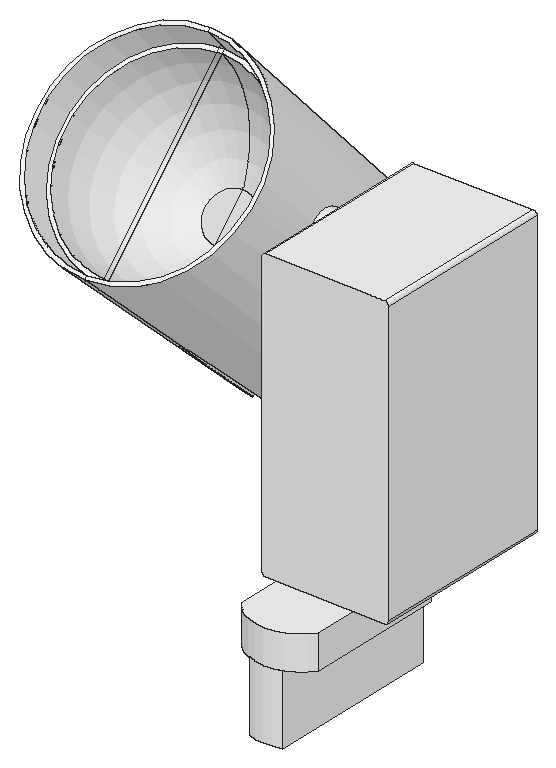
Revit family "0004932 Feilo Sylvania Lighting Fixture START TRACK SPOT S DALI 1352LM 940 WB WHT", category Lighting Fixtures, host Face, Revit 2017 (continued)
Definition of nested family "Start Track Spot Head"
  Types (96, lengths in mm): name | Wattage | built-in parameter 1150134 | Photometric Web File | Model | built-in parameter 1150105 | Lumens | built-in parameter 1150107 | built-in parameter 1150106 | HeadThickness_FEILO | HeadRibOffset_FEILO | HeadRibDepth_FEILO | HeadRibCutWidth_FEILO | HeadRibCutOffset_FEILO | HeadReflectorRadius_FEILO | HeadReflectorOffset_FEILO | HeadLEDRadius_FEILO | HeadHeight_FEILO | HeadDiffusorOffset_FEILO | HeadDiaOut_FEILO | HeadDiaIn_FEILO | HeadAxisFromTop_FEILO | Emit from Circle Diameter | built-in parameter 1150104 | Description | Apparent Load
    0004864 START TRACK SPOT S 24W 3K RA90 WB WHITE | 24 W | (empty or 0) | "0004864.ies" | "START TRACK SPOT S 24W 3K RA90 WB WHITE" | 152.79 (stored number, unit not read) | 1920 lm | 3000 (stored number, unit not read) | 1.5279 (stored number, unit not read) | 1.5 | 4.179 | 55.714 | 7.167 | 50.87 | 50.588 | 55.714 | 9.556 | 117 | 9.435 | 86 | 77.477 | 69.354 | 77.477 | 7.4322 (stored number, unit not read) | "Integrated LED spotlight, Textured White - RAL9016, compact and minimalist design, ideal for retail applications, die-cast aluminium body, passive cooling heatsink. Beam angle: 64°, color temperature: 3000K , total system power: 24W, total fixture output: 1928 lm, LOR: 100%, colour rendering: Ra: 90 typical, LED Chromaticity: 3 step MacAdam ellipse, lifetime: >50000 hours at L70B50, energy class: A++, A+, A, IR/UV free light source without heat radiation, operating voltage: 220-240V / 50-60Hz, drive current: 600mA, electronic driver, non-dimmable, power factor: 0.95, electrical protection: Class II, Global Track 3 Phase adapter suitable for Global trac 3-circuit tracks, ingress protection rating: IP20, suitable for internal environment only, horizontal rotation: 355°, vertical tilt: 90°, dimensions: Ø86x140x200, weight: 0.966kg." | 24 VA
    0004863 START TRACK SPOT S 24W 3K RA90 MB WHITE | 24 W | (empty or 0) | "0004863.ies" | "START TRACK SPOT S 24W 3K RA90 MB WHITE" | 154.7 (stored number, unit not read) | 1944 lm | 3000 (stored number, unit not read) | 1.547 (stored number, unit not read) | 1.5 | 4.179 | 55.714 | 7.167 | 50.87 | 50.588 | 55.714 | 9.556 | 117 | 9.435 | 86 | 77.477 | 69.354 | 77.477 | 7.5251 (stored number, unit not read) | "Integrated LED spotlight, Textured White - RAL9016, compact and minimalist design, ideal for retail applications, die-cast aluminium body, passive cooling heatsink. Beam angle: 36°, color temperature: 3000K , total system power: 24W, total fixture output: 1944 lm, LOR: 100%, colour rendering: Ra: 90 typical, LED Chromaticity: 3 step MacAdam ellipse, lifetime: >50000 hours at L70B50, energy class: A++, A+, A, IR/UV free light source without heat radiation, operating voltage: 220-240V / 50-60Hz, drive current: 600mA, electronic driver, non-dimmable, power factor: 0.95, electrical protection: Class II, Global Track 3 Phase adapter suitable for Global trac 3-circuit tracks, ingress protection rating: IP20, suitable for internal environment only, horizontal rotation: 355°, vertical tilt: 90°, dimensions: Ø86x140x200, weight: 0.966kg." | 24 VA
    0004862 START TRACK SPOT S 24W 3K RA90 NB WHITE | 24 W | (empty or 0) | "0004862.ies" | "START TRACK SPOT S 24W 3K RA90 NB WHITE" | 158.52 (stored number, unit not read) | 1992 lm | 3000 (stored number, unit not read) | 1.5852 (stored number, unit not read) | 1.5 | 4.179 | 55.714 | 7.167 | 50.87 | 50.588 | 55.714 | 9.556 | 117 | 9.435 | 86 | 77.477 | 69.354 | 77.477 | 7.711 (stored number, unit not read) | "Integrated LED spotlight, Textured White - RAL9016, compact and minimalist design, ideal for retail applications, die-cast aluminium body, passive cooling heatsink. Beam angle: 12°, color temperature: 3000K , total system power: 24W, total fixture output: 1987 lm, LOR: 100%, colour rendering: Ra: 90 typical, LED Chromaticity: 3 step MacAdam ellipse, lifetime: >50000 hours at L70B50, energy class: A++, A+, A, IR/UV free light source without heat radiation, operating voltage: 220-240V / 50-60Hz, drive current: 600mA, electronic driver, non-dimmable, power factor: 0.95, electrical protection: Class II, Global Track 3 Phase adapter suitable for Global trac 3-circuit tracks, ingress protection rating: IP20, suitable for internal environment only, horizontal rotation: 355°, vertical tilt: 90°, dimensions: Ø86x140x200, weight: 0.966kg." | 24 VA
    0004861 START TRACK SPOT S 14W 3K RA90 WB WHITE | 14 W | (empty or 0) | "0004861.ies" | "START TRACK SPOT S 14W 3K RA90 WB WHITE" | 100.27 (stored number, unit not read) | 1260 lm | 3000 (stored number, unit not read) | 1.0027 (stored number, unit not read) | 1.5 | 4.179 | 55.714 | 7.167 | 50.87 | 50.588 | 55.714 | 9.556 | 117 | 9.435 | 86 | 77.477 | 69.354 | 77.477 | 8.3613 (stored number, unit not read) | "Integrated LED spotlight, Textured White - RAL9016, compact and minimalist design, ideal for retail applications, die-cast aluminium body, passive cooling heatsink. Beam angle: 64°, color temperature: 3000K , total system power: 14W, total fixture output: 1262 lm, LOR: 100%, colour rendering: Ra: 90 typical, LED Chromaticity: 3 step MacAdam ellipse, lifetime: >50000 hours at L70B50, energy class: A++, A+, A, IR/UV free light source without heat radiation, operating voltage: 220-240V / 50-60Hz, drive current: 350mA, electronic driver, non-dimmable, power factor: 0.92, electrical protection: Class II, Global Track 3 Phase adapter suitable for Global trac 3-circuit tracks, ingress protection rating: IP20, suitable for internal environment only, horizontal rotation: 355°, vertical tilt: 90°, dimensions: Ø86x140x200, weight: 0.940kg." | 14 VA
    0004860 START TRACK SPOT S 14W 3K RA90 MB WHITE | 14 W | (empty or 0) | "0004860.ies" | "START TRACK SPOT S 14W 3K RA90 MB WHITE" | 100.27 (stored number, unit not read) | 1260 lm | 3000 (stored number, unit not read) | 1.0027 (stored number, unit not read) | 1.5 | 4.179 | 55.714 | 7.167 | 50.87 | 50.588 | 55.714 | 9.556 | 117 | 9.435 | 86 | 77.477 | 69.354 | 77.477 | 8.3613 (stored number, unit not read) | "Integrated LED spotlight, Textured White - RAL9016, compact and minimalist design, ideal for retail applications, die-cast aluminium body, passive cooling heatsink. Beam angle: 36°, color temperature: 3000K , total system power: 14W, total fixture output: 1262 lm, LOR: 100%, colour rendering: Ra: 90 typical, LED Chromaticity: 3 step MacAdam ellipse, lifetime: >50000 hours at L70B50, energy class: A++, A+, A, IR/UV free light source without heat radiation, operating voltage: 220-240V / 50-60Hz, drive current: 350mA, electronic driver, non-dimmable, power factor: 0.92, electrical protection: Class II, Global Track 3 Phase adapter suitable for Global trac 3-circuit tracks, ingress protection rating: IP20, suitable for internal environment only, horizontal rotation: 355°, vertical tilt: 90°, dimensions: Ø86x140x200, weight: 0.940kg." | 14 VA
    0004859 START TRACK SPOT S 14W 3K RA90 NB WHITE | 14 W | (empty or 0) | "0004859.ies" | "START TRACK SPOT S 14W 3K RA90 NB WHITE" | 102.5 (stored number, unit not read) | 1288 lm | 3000 (stored number, unit not read) | 1.025 (stored number, unit not read) | 1.5 | 4.179 | 55.714 | 7.167 | 50.87 | 50.588 | 55.714 | 9.556 | 117 | 9.435 | 86 | 77.477 | 69.354 | 77.477 | 8.5471 (stored number, unit not read) | "Integrated LED spotlight, Textured White - RAL9016, compact and minimalist design, ideal for retail applications, die-cast aluminium body, passive cooling heatsink. Beam angle: 12°, color temperature: 3000K , total system power: 14W, total fixture output: 1284 lm, LOR: 100%, colour rendering: Ra: 90 typical, LED Chromaticity: 3 step MacAdam ellipse, lifetime: >50000 hours at L70B50, energy class: A++, A+, A, IR/UV free light source without heat radiation, operating voltage: 220-240V / 50-60Hz, drive current: 350mA, electronic driver, non-dimmable, power factor: 0.92, electrical protection: Class II, Global Track 3 Phase adapter suitable for Global trac 3-circuit tracks, ingress protection rating: IP20, suitable for internal environment only, horizontal rotation: 355°, vertical tilt: 90°, dimensions: Ø86x140x200, weight: 0.940kg." | 14 VA
    0004858 START TRACK SPOT L 55W 4K RA80 WB BLACK | 55 W | 12 | "0004858.ies" | "START TRACK SPOT L 55W 4K RA80 WB BLACK" | 424.55 (stored number, unit not read) | 5335 lm | 4000 (stored number, unit not read) | 4.2455 (stored number, unit not read) | 2 | 4.429 | 59.048 | 9.417 | 53.913 | 66.471 | 59.048 | 12.556 | 124 | 10 | 113 | 101.802 | 73.503 | 101.802 | 9.0116 (stored number, unit not read) | "Integrated LED spotlight, Textured Black - RAL9005, compact and minimalist design, ideal for retail applications, die-cast aluminium body, passive cooling heatsink. Beam angle: 52°, color temperature: 4000K , total system power: 55W, total fixture output: 5320 lm, LOR: 100%, colour rendering: Ra: 80 typical, LED Chromaticity: 3 step MacAdam ellipse, lifetime: >50000 hours at L70B50, energy class: A++, A+, A, IR/UV free light source without heat radiation, operating voltage: 220-240V / 50-60Hz, drive current: 1400mA, electronic driver, non-dimmable, power factor: 0.96, electrical protection: Class II, Global Track 3 Phase adapter suitable for Global trac 3-circuit tracks, ingress protection rating: IP20, suitable for internal environment only, horizontal rotation: 355°, vertical tilt: 90°, dimensions: Ø113x164x240, weight: 1.398kg." | 55 VA
    0004857 START TRACK SPOT L 55W 4K RA80 MB BLACK | 55 W | 12 | "0004857.ies" | "START TRACK SPOT L 55W 4K RA80 MB BLACK" | 428.92 (stored number, unit not read) | 5390 lm | 4000 (stored number, unit not read) | 4.2892 (stored number, unit not read) | 2 | 4.429 | 59.048 | 9.417 | 53.913 | 66.471 | 59.048 | 12.556 | 124 | 10 | 113 | 101.802 | 73.503 | 101.802 | 9.1045 (stored number, unit not read) | "Integrated LED spotlight, Textured Black - RAL9005, compact and minimalist design, ideal for retail applications, die-cast aluminium body, passive cooling heatsink. Beam angle: 38°, color temperature: 4000K , total system power: 55W, total fixture output: 5378 lm, LOR: 100%, colour rendering: Ra: 80 typical, LED Chromaticity: 3 step MacAdam ellipse, lifetime: >50000 hours at L70B50, energy class: A++, A+, A, IR/UV free light source without heat radiation, operating voltage: 220-240V / 50-60Hz, drive current: 1400mA, electronic driver, non-dimmable, power factor: 0.96, electrical protection: Class II, Global Track 3 Phase adapter suitable for Global trac 3-circuit tracks, ingress protection rating: IP20, suitable for internal environment only, horizontal rotation: 355°, vertical tilt: 90°, dimensions: Ø113x164x240, weight: 1.398kg." | 55 VA
    0004856 START TRACK SPOT L 55W 4K RA80 NB BLACK | 55 W | 12 | "0004856.ies" | "START TRACK SPOT L 55W 4K RA80 NB BLACK" | 433.3 (stored number, unit not read) | 5445 lm | 4000 (stored number, unit not read) | 4.333 (stored number, unit not read) | 2 | 4.429 | 59.048 | 9.417 | 53.913 | 66.471 | 59.048 | 12.556 | 124 | 10 | 113 | 101.802 | 73.503 | 101.802 | 9.1974 (stored number, unit not read) | "Integrated LED spotlight, Textured Black - RAL9005, compact and minimalist design, ideal for retail applications, die-cast aluminium body, passive cooling heatsink. Beam angle: 15°, color temperature: 4000K , total system power: 55W, total fixture output: 5426 lm, LOR: 100%, colour rendering: Ra: 80 typical, LED Chromaticity: 3 step MacAdam ellipse, lifetime: >50000 hours at L70B50, energy class: A++, A+, A, IR/UV free light source without heat radiation, operating voltage: 220-240V / 50-60Hz, drive current: 1400mA, electronic driver, non-dimmable, power factor: 0.96, electrical protection: Class II, Global Track 3 Phase adapter suitable for Global trac 3-circuit tracks, ingress protection rating: IP20, suitable for internal environment only, horizontal rotation: 355°, vertical tilt: 90°, dimensions: Ø113x164x240, weight: 1.398kg." | 55 VA
    0004855 START TRACK SPOT L 35W 4K RA80 WB BLACK | 35 W | 12 | "0004855.ies" | "START TRACK SPOT L 35W 4K RA80 WB BLACK" | 320.3 (stored number, unit not read) | 4025 lm | 4000 (stored number, unit not read) | 3.203 (stored number, unit not read) | 2 | 4.429 | 59.048 | 9.417 | 53.913 | 66.471 | 59.048 | 12.556 | 124 | 10 | 113 | 101.802 | 73.503 | 101.802 | 10.684 (stored number, unit not read) | "Integrated LED spotlight, Textured Black - RAL9005, compact and minimalist design, ideal for retail applications, die-cast aluminium body, passive cooling heatsink. Beam angle: 52°, color temperature: 4000K , total system power: 35W, total fixture output: 4010 lm, LOR: 100%, colour rendering: Ra: 80 typical, LED Chromaticity: 3 step MacAdam ellipse, lifetime: >50000 hours at L70B50, energy class: A++, A+, A, IR/UV free light source without heat radiation, operating voltage: 220-240V / 50-60Hz, drive current: 900mA, electronic driver, non-dimmable, power factor: 0.93, electrical protection: Class II, Global Track 3 Phase adapter suitable for Global trac 3-circuit tracks, ingress protection rating: IP20, suitable for internal environment only, horizontal rotation: 355°, vertical tilt: 90°, dimensions: Ø113x164x240, weight: 1.368kg." | 35 VA
    0004854 START TRACK SPOT L 35W 4K RA80 MB BLACK | 35 W | 12 | "0004854.ies" | "START TRACK SPOT L 35W 4K RA80 MB BLACK" | 320.3 (stored number, unit not read) | 4025 lm | 4000 (stored number, unit not read) | 3.203 (stored number, unit not read) | 2 | 4.429 | 59.048 | 9.417 | 53.913 | 66.471 | 59.048 | 12.556 | 124 | 10 | 113 | 101.802 | 73.503 | 101.802 | 10.684 (stored number, unit not read) | "Integrated LED spotlight, Textured Black - RAL9005, compact and minimalist design, ideal for retail applications, die-cast aluminium body, passive cooling heatsink. Beam angle: 38°, color temperature: 4000K , total system power: 35W, total fixture output: 4017 lm, LOR: 100%, colour rendering: Ra: 80 typical, LED Chromaticity: 3 step MacAdam ellipse, lifetime: >50000 hours at L70B50, energy class: A++, A+, A, IR/UV free light source without heat radiation, operating voltage: 220-240V / 50-60Hz, drive current: 900mA, electronic driver, non-dimmable, power factor: 0.93, electrical protection: Class II, Global Track 3 Phase adapter suitable for Global trac 3-circuit tracks, ingress protection rating: IP20, suitable for internal environment only, horizontal rotation: 355°, vertical tilt: 90°, dimensions: Ø113x164x240, weight: 1.368kg." | 35 VA
    0004853 START TRACK SPOT L 35W 4K RA80 NB BLACK | 35 W | 12 | "0004853.ies" | "START TRACK SPOT L 35W 4K RA80 NB BLACK" | 331.44 (stored number, unit not read) | 4165 lm | 4000 (stored number, unit not read) | 3.3144 (stored number, unit not read) | 2 | 4.429 | 59.048 | 9.417 | 53.913 | 66.471 | 59.048 | 12.556 | 124 | 10 | 113 | 101.802 | 73.503 | 101.802 | 11.055 (stored number, unit not read) | "Integrated LED spotlight, Textured Black - RAL9005, compact and minimalist design, ideal for retail applications, die-cast aluminium body, passive cooling heatsink. Beam angle: 15°, color temperature: 4000K , total system power: 35W, total fixture output: 4174 lm, LOR: 100%, colour rendering: Ra: 80 typical, LED Chromaticity: 3 step MacAdam ellipse, lifetime: >50000 hours at L70B50, energy class: A++, A+, A, IR/UV free light source without heat radiation, operating voltage: 220-240V / 50-60Hz, drive current: 900mA, electronic driver, non-dimmable, power factor: 0.93, electrical protection: Class II, Global Track 3 Phase adapter suitable for Global trac 3-circuit tracks, ingress protection rating: IP20, suitable for internal environment only, horizontal rotation: 355°, vertical tilt: 90°, dimensions: Ø113x164x240, weight: 1.368kg." | 35 VA
    0004852 START TRACK SPOT S 24W 4K RA80 WB BLACK | 24 W | 12 | "0004852.ies" | "START TRACK SPOT S 24W 4K RA80 WB BLACK" | 196.72 (stored number, unit not read) | 2472 lm | 4000 (stored number, unit not read) | 1.9672 (stored number, unit not read) | 1.5 | 4.179 | 55.714 | 7.167 | 50.87 | 50.588 | 55.714 | 9.556 | 117 | 9.435 | 86 | 77.477 | 69.354 | 77.477 | 9.569 (stored number, unit not read) | "Integrated LED spotlight, Textured Black - RAL9005, compact and minimalist design, ideal for retail applications, die-cast aluminium body, passive cooling heatsink. Beam angle: 64°, color temperature: 4000K , total system power: 24W, total fixture output: 2476 lm, LOR: 100%, colour rendering: Ra: 80 typical, LED Chromaticity: 3 step MacAdam ellipse, lifetime: >50000 hours at L70B50, energy class: A++, A+, A, IR/UV free light source without heat radiation, operating voltage: 220-240V / 50-60Hz, drive current: 600mA, electronic driver, non-dimmable, power factor: 0.95, electrical protection: Class II, Global Track 3 Phase adapter suitable for Global trac 3-circuit tracks, ingress protection rating: IP20, suitable for internal environment only, horizontal rotation: 355°, vertical tilt: 90°, dimensions: Ø86x140x200, weight: 0.966kg." | 24 VA
    0004851 START TRACK SPOT S 24W 4K RA80 MB BLACK | 24 W | 12 | "0004851.ies" | "START TRACK SPOT S 24W 4K RA80 MB BLACK" | 198.63 (stored number, unit not read) | 2496 lm | 4000 (stored number, unit not read) | 1.9863 (stored number, unit not read) | 1.5 | 4.179 | 55.714 | 7.167 | 50.87 | 50.588 | 55.714 | 9.556 | 117 | 9.435 | 86 | 77.477 | 69.354 | 77.477 | 9.6619 (stored number, unit not read) | "Integrated LED spotlight, Textured Black - RAL9005, compact and minimalist design, ideal for retail applications, die-cast aluminium body, passive cooling heatsink. Beam angle: 36°, color temperature: 4000K , total system power: 24W, total fixture output: 2487 lm, LOR: 100%, colour rendering: Ra: 80 typical, LED Chromaticity: 3 step MacAdam ellipse, lifetime: >50000 hours at L70B50, energy class: A++, A+, A, IR/UV free light source without heat radiation, operating voltage: 220-240V / 50-60Hz, drive current: 600mA, electronic driver, non-dimmable, power factor: 0.95, electrical protection: Class II, Global Track 3 Phase adapter suitable for Global trac 3-circuit tracks, ingress protection rating: IP20, suitable for internal environment only, horizontal rotation: 355°, vertical tilt: 90°, dimensions: Ø86x140x200, weight: 0.966kg." | 24 VA
    0004850 START TRACK SPOT S 24W 4K RA80 NB BLACK | 24 W | 12 | "0004850.ies" | "START TRACK SPOT S 24W 4K RA80 NB BLACK" | 200.54 (stored number, unit not read) | 2520 lm | 4000 (stored number, unit not read) | 2.0054 (stored number, unit not read) | 1.5 | 4.179 | 55.714 | 7.167 | 50.87 | 50.588 | 55.714 | 9.556 | 117 | 9.435 | 86 | 77.477 | 69.354 | 77.477 | 9.7548 (stored number, unit not read) | "Integrated LED spotlight, Textured Black - RAL9005, compact and minimalist design, ideal for retail applications, die-cast aluminium body, passive cooling heatsink. Beam angle: 12°, color temperature: 4000K , total system power: 24W, total fixture output: 2529 lm, LOR: 100%, colour rendering: Ra: 80 typical, LED Chromaticity: 3 step MacAdam ellipse, lifetime: >50000 hours at L70B50, energy class: A++, A+, A, IR/UV free light source without heat radiation, operating voltage: 220-240V / 50-60Hz, drive current: 600mA, electronic driver, non-dimmable, power factor: 0.95, electrical protection: Class II, Global Track 3 Phase adapter suitable for Global trac 3-circuit tracks, ingress protection rating: IP20, suitable for internal environment only, horizontal rotation: 355°, vertical tilt: 90°, dimensions: Ø86x140x200, weight: 0.966kg." | 24 VA
    0004849 START TRACK SPOT S 14W 4K RA80 WB BLACK | 14 W | 12 | "0004849.ies" | "START TRACK SPOT S 14W 4K RA80 WB BLACK" | 123.66 (stored number, unit not read) | 1554 lm | 4000 (stored number, unit not read) | 1.2366 (stored number, unit not read) | 1.5 | 4.179 | 55.714 | 7.167 | 50.87 | 50.588 | 55.714 | 9.556 | 117 | 9.435 | 86 | 77.477 | 69.354 | 77.477 | 10.312 (stored number, unit not read) | "Integrated LED spotlight, Textured Black - RAL9005, compact and minimalist design, ideal for retail applications, die-cast aluminium body, passive cooling heatsink. Beam angle: 64°, color temperature: 4000K , total system power: 14W, total fixture output: 1558 lm, LOR: 100%, colour rendering: Ra: 80 typical, LED Chromaticity: 3 step MacAdam ellipse, lifetime: >50000 hours at L70B50, energy class: A++, A+, A, IR/UV free light source without heat radiation, operating voltage: 220-240V / 50-60Hz, drive current: 350mA, electronic driver, non-dimmable, power factor: 0.92, electrical protection: Class II, Global Track 3 Phase adapter suitable for Global trac 3-circuit tracks, ingress protection rating: IP20, suitable for internal environment only, horizontal rotation: 355°, vertical tilt: 90°, dimensions: Ø86x140x200, weight: 0.940kg." | 14 VA
    0004848 START TRACK SPOT S 14W 4K RA80 MB BLACK | 14 W | 12 | "0004848.ies" | "START TRACK SPOT S 14W 4K RA80 MB BLACK" | 127.01 (stored number, unit not read) | 1596 lm | 4000 (stored number, unit not read) | 1.2701 (stored number, unit not read) | 1.5 | 4.179 | 55.714 | 7.167 | 50.87 | 50.588 | 55.714 | 9.556 | 117 | 9.435 | 86 | 77.477 | 69.354 | 77.477 | 10.591 (stored number, unit not read) | "Integrated LED spotlight, Textured Black - RAL9005, compact and minimalist design, ideal for retail applications, die-cast aluminium body, passive cooling heatsink. Beam angle: 36°, color temperature: 4000K , total system power: 14W, total fixture output: 1598 lm, LOR: 100%, colour rendering: Ra: 80 typical, LED Chromaticity: 3 step MacAdam ellipse, lifetime: >50000 hours at L70B50, energy class: A++, A+, A, IR/UV free light source without heat radiation, operating voltage: 220-240V / 50-60Hz, drive current: 350mA, electronic driver, non-dimmable, power factor: 0.92, electrical protection: Class II, Global Track 3 Phase adapter suitable for Global trac 3-circuit tracks, ingress protection rating: IP20, suitable for internal environment only, horizontal rotation: 355°, vertical tilt: 90°, dimensions: Ø86x140x200, weight: 0.940kg." | 14 VA
    0004847 START TRACK SPOT S 14W 4K RA80 NB BLACK | 14 W | 12 | "0004847.ies" | "START TRACK SPOT S 14W 4K RA80 NB BLACK" | 128.12 (stored number, unit not read) | 1610 lm | 4000 (stored number, unit not read) | 1.2812 (stored number, unit not read) | 1.5 | 4.179 | 55.714 | 7.167 | 50.87 | 50.588 | 55.714 | 9.556 | 117 | 9.435 | 86 | 77.477 | 69.354 | 77.477 | 10.684 (stored number, unit not read) | "Integrated LED spotlight, Textured Black - RAL9005, compact and minimalist design, ideal for retail applications, die-cast aluminium body, passive cooling heatsink. Beam angle: 12°, color temperature: 4000K , total system power: 14W, total fixture output: 1608 lm, LOR: 100%, colour rendering: Ra: 80 typical, LED Chromaticity: 3 step MacAdam ellipse, lifetime: >50000 hours at L70B50, energy class: A++, A+, A, IR/UV free light source without heat radiation, operating voltage: 220-240V / 50-60Hz, drive current: 350mA, electronic driver, non-dimmable, power factor: 0.92, electrical protection: Class II, Global Track 3 Phase adapter suitable for Global trac 3-circuit tracks, ingress protection rating: IP20, suitable for internal environment only, horizontal rotation: 355°, vertical tilt: 90°, dimensions: Ø86x140x200, weight: 0.940kg." | 14 VA
    0004846 START TRACK SPOT L 55W 3K RA80 WB BLACK | 55 W | (empty or 0) | "0004846.ies" | "START TRACK SPOT L 55W 3K RA80 WB BLACK" | 420.17 (stored number, unit not read) | 5280 lm | 3000 (stored number, unit not read) | 4.2017 (stored number, unit not read) | 2 | 4.429 | 59.048 | 9.417 | 53.913 | 66.471 | 59.048 | 12.556 | 124 | 10 | 113 | 101.802 | 73.503 | 101.802 | 8.9187 (stored number, unit not read) | "Integrated LED spotlight, Textured Black - RAL9005, compact and minimalist design, ideal for retail applications, die-cast aluminium body, passive cooling heatsink. Beam angle: 52°, color temperature: 3000K , total system power: 55W, total fixture output: 5298 lm, LOR: 100%, colour rendering: Ra: 80 typical, LED Chromaticity: 3 step MacAdam ellipse, lifetime: >50000 hours at L70B50, energy class: A++, A+, A, IR/UV free light source without heat radiation, operating voltage: 220-240V / 50-60Hz, drive current: 1400mA, electronic driver, non-dimmable, power factor: 0.96, electrical protection: Class II, Global Track 3 Phase adapter suitable for Global trac 3-circuit tracks, ingress protection rating: IP20, suitable for internal environment only, horizontal rotation: 355°, vertical tilt: 90°, dimensions: Ø113x164x240, weight: 1.398kg." | 55 VA
    0004845 START TRACK SPOT L 55W 3K RA80 MB BLACK | 55 W | (empty or 0) | "0004845.ies" | "START TRACK SPOT L 55W 3K RA80 MB BLACK" | 428.92 (stored number, unit not read) | 5390 lm | 3000 (stored number, unit not read) | 4.2892 (stored number, unit not read) | 2 | 4.429 | 59.048 | 9.417 | 53.913 | 66.471 | 59.048 | 12.556 | 124 | 10 | 113 | 101.802 | 73.503 | 101.802 | 9.1045 (stored number, unit not read) | "Integrated LED spotlight, Textured Black - RAL9005, compact and minimalist design, ideal for retail applications, die-cast aluminium body, passive cooling heatsink. Beam angle: 38°, color temperature: 3000K , total system power: 55W, total fixture output: 5381 lm, LOR: 100%, colour rendering: Ra: 80 typical, LED Chromaticity: 3 step MacAdam ellipse, lifetime: >50000 hours at L70B50, energy class: A++, A+, A, IR/UV free light source without heat radiation, operating voltage: 220-240V / 50-60Hz, drive current: 1400mA, electronic driver, non-dimmable, power factor: 0.96, electrical protection: Class II, Global Track 3 Phase adapter suitable for Global trac 3-circuit tracks, ingress protection rating: IP20, suitable for internal environment only, horizontal rotation: 355°, vertical tilt: 90°, dimensions: Ø113x164x240, weight: 1.398kg." | 55 VA
    0004844 START TRACK SPOT L 55W 3K RA80 NB BLACK | 55 W | (empty or 0) | "0004844.ies" | "START TRACK SPOT L 55W 3K RA80 NB BLACK" | 433.3 (stored number, unit not read) | 5445 lm | 3000 (stored number, unit not read) | 4.333 (stored number, unit not read) | 2 | 4.429 | 59.048 | 9.417 | 53.913 | 66.471 | 59.048 | 12.556 | 124 | 10 | 113 | 101.802 | 73.503 | 101.802 | 9.1974 (stored number, unit not read) | "Integrated LED spotlight, Textured Black - RAL9005, compact and minimalist design, ideal for retail applications, die-cast aluminium body, passive cooling heatsink. Beam angle: 15°, color temperature: 3000K , total system power: 55W, total fixture output: 5449 lm, LOR: 100%, colour rendering: Ra: 80 typical, LED Chromaticity: 3 step MacAdam ellipse, lifetime: >50000 hours at L70B50, energy class: A++, A+, A, IR/UV free light source without heat radiation, operating voltage: 220-240V / 50-60Hz, drive current: 1400mA, electronic driver, non-dimmable, power factor: 0.96, electrical protection: Class II, Global Track 3 Phase adapter suitable for Global trac 3-circuit tracks, ingress protection rating: IP20, suitable for internal environment only, horizontal rotation: 355°, vertical tilt: 90°, dimensions: Ø113x164x240, weight: 1.398kg." | 55 VA
    0004843 START TRACK SPOT L 35W 3K RA80 WB BLACK | 35 W | (empty or 0) | "0004843.ies" | "START TRACK SPOT L 35W 3K RA80 WB BLACK" | 314.73 (stored number, unit not read) | 3955 lm | 3000 (stored number, unit not read) | 3.1473 (stored number, unit not read) | 2 | 4.429 | 59.048 | 9.417 | 53.913 | 66.471 | 59.048 | 12.556 | 124 | 10 | 113 | 101.802 | 73.503 | 101.802 | 10.498 (stored number, unit not read) | "Integrated LED spotlight, Textured Black - RAL9005, compact and minimalist design, ideal for retail applications, die-cast aluminium body, passive cooling heatsink. Beam angle: 52°, color temperature: 3000K , total system power: 35W, total fixture output: 3943 lm, LOR: 100%, colour rendering: Ra: 80 typical, LED Chromaticity: 3 step MacAdam ellipse, lifetime: >50000 hours at L70B50, energy class: A++, A+, A, IR/UV free light source without heat radiation, operating voltage: 220-240V / 50-60Hz, drive current: 900mA, electronic driver, non-dimmable, power factor: 0.93, electrical protection: Class II, Global Track 3 Phase adapter suitable for Global trac 3-circuit tracks, ingress protection rating: IP20, suitable for internal environment only, horizontal rotation: 355°, vertical tilt: 90°, dimensions: Ø113x164x240, weight: 1.368kg." | 35 VA
    0004842 START TRACK SPOT L 35W 3K RA80 MB BLACK | 35 W | (empty or 0) | "0004842.ies" | "START TRACK SPOT L 35W 3K RA80 MB BLACK" | 320.3 (stored number, unit not read) | 4025 lm | 3000 (stored number, unit not read) | 3.203 (stored number, unit not read) | 2 | 4.429 | 59.048 | 9.417 | 53.913 | 66.471 | 59.048 | 12.556 | 124 | 10 | 113 | 101.802 | 73.503 | 101.802 | 10.684 (stored number, unit not read) | "Integrated LED spotlight, Textured Black - RAL9005, compact and minimalist design, ideal for retail applications, die-cast aluminium body, passive cooling heatsink. Beam angle: 38°, color temperature: 3000K , total system power: 35W, total fixture output: 4008 lm, LOR: 100%, colour rendering: Ra: 80 typical, LED Chromaticity: 3 step MacAdam ellipse, lifetime: >50000 hours at L70B50, energy class: A++, A+, A, IR/UV free light source without heat radiation, operating voltage: 220-240V / 50-60Hz, drive current: 900mA, electronic driver, non-dimmable, power factor: 0.93, electrical protection: Class II, Global Track 3 Phase adapter suitable for Global trac 3-circuit tracks, ingress protection rating: IP20, suitable for internal environment only, horizontal rotation: 355°, vertical tilt: 90°, dimensions: Ø113x164x240, weight: 1.368kg." | 35 VA
    0004841 START TRACK SPOT L 35W 3K RA80 NB BLACK | 35 W | (empty or 0) | "0004841.ies" | "START TRACK SPOT L 35W 3K RA80 NB BLACK" | 317.51 (stored number, unit not read) | 3990 lm | 3000 (stored number, unit not read) | 3.1751 (stored number, unit not read) | 2 | 4.429 | 59.048 | 9.417 | 53.913 | 66.471 | 59.048 | 12.556 | 124 | 10 | 113 | 101.802 | 73.503 | 101.802 | 10.591 (stored number, unit not read) | "Integrated LED spotlight, Textured Black - RAL9005, compact and minimalist design, ideal for retail applications, die-cast aluminium body, passive cooling heatsink. Beam angle: 15°, color temperature: 3000K , total system power: 35W, total fixture output: 4005 lm, LOR: 100%, colour rendering: Ra: 80 typical, LED Chromaticity: 3 step MacAdam ellipse, lifetime: >50000 hours at L70B50, energy class: A++, A+, A, IR/UV free light source without heat radiation, operating voltage: 220-240V / 50-60Hz, drive current: 900mA, electronic driver, non-dimmable, power factor: 0.93, electrical protection: Class II, Global Track 3 Phase adapter suitable for Global trac 3-circuit tracks, ingress protection rating: IP20, suitable for internal environment only, horizontal rotation: 355°, vertical tilt: 90°, dimensions: Ø113x164x240, weight: 1.368kg." | 35 VA
    0004840 START TRACK SPOT S 24W 3K RA80 WB BLACK | 24 W | (empty or 0) | "0004840.ies" | "START TRACK SPOT S 24W 3K RA80 WB BLACK" | 185.26 (stored number, unit not read) | 2328 lm | 3000 (stored number, unit not read) | 1.8526 (stored number, unit not read) | 1.5 | 4.179 | 55.714 | 7.167 | 50.87 | 50.588 | 55.714 | 9.556 | 117 | 9.435 | 86 | 77.477 | 69.354 | 77.477 | 9.0116 (stored number, unit not read) | "Integrated LED spotlight, Textured Black - RAL9005, compact and minimalist design, ideal for retail applications, die-cast aluminium body, passive cooling heatsink. Beam angle: 64°, color temperature: 3000K , total system power: 24W, total fixture output: 2318 lm, LOR: 100%, colour rendering: Ra: 80 typical, LED Chromaticity: 3 step MacAdam ellipse, lifetime: >50000 hours at L70B50, energy class: A++, A+, A, IR/UV free light source without heat radiation, operating voltage: 220-240V / 50-60Hz, drive current: 600mA, electronic driver, non-dimmable, power factor: 0.95, electrical protection: Class II, Global Track 3 Phase adapter suitable for Global trac 3-circuit tracks, ingress protection rating: IP20, suitable for internal environment only, horizontal rotation: 355°, vertical tilt: 90°, dimensions: Ø86x140x200, weight: 0.966kg." | 24 VA
    0004839 START TRACK SPOT S 24W 3K RA80 MB BLACK | 24 W | (empty or 0) | "0004839.ies" | "START TRACK SPOT S 24W 3K RA80 MB BLACK" | 183.35 (stored number, unit not read) | 2304 lm | 3000 (stored number, unit not read) | 1.8335 (stored number, unit not read) | 1.5 | 4.179 | 55.714 | 7.167 | 50.87 | 50.588 | 55.714 | 9.556 | 117 | 9.435 | 86 | 77.477 | 69.354 | 77.477 | 8.9187 (stored number, unit not read) | "Integrated LED spotlight, Textured Black - RAL9005, compact and minimalist design, ideal for retail applications, die-cast aluminium body, passive cooling heatsink. Beam angle: 36°, color temperature: 3000K , total system power: 24W, total fixture output: 2314 lm, LOR: 100%, colour rendering: Ra: 80 typical, LED Chromaticity: 3 step MacAdam ellipse, lifetime: >50000 hours at L70B50, energy class: A++, A+, A, IR/UV free light source without heat radiation, operating voltage: 220-240V / 50-60Hz, drive current: 600mA, electronic driver, non-dimmable, power factor: 0.95, electrical protection: Class II, Global Track 3 Phase adapter suitable for Global trac 3-circuit tracks, ingress protection rating: IP20, suitable for internal environment only, horizontal rotation: 355°, vertical tilt: 90°, dimensions: Ø86x140x200, weight: 0.966kg." | 24 VA
    0004838 START TRACK SPOT S 24W 3K RA80 NB BLACK | 24 W | (empty or 0) | "0004838.ies" | "START TRACK SPOT S 24W 3K RA80 NB BLACK" | 185.26 (stored number, unit not read) | 2328 lm | 3000 (stored number, unit not read) | 1.8526 (stored number, unit not read) | 1.5 | 4.179 | 55.714 | 7.167 | 50.87 | 50.588 | 55.714 | 9.556 | 117 | 9.435 | 86 | 77.477 | 69.354 | 77.477 | 9.0116 (stored number, unit not read) | "Integrated LED spotlight, Textured Black - RAL9005, compact and minimalist design, ideal for retail applications, die-cast aluminium body, passive cooling heatsink. Beam angle: 12°, color temperature: 3000K , total system power: 24W, total fixture output: 2334 lm, LOR: 100%, colour rendering: Ra: 80 typical, LED Chromaticity: 3 step MacAdam ellipse, lifetime: >50000 hours at L70B50, energy class: A++, A+, A, IR/UV free light source without heat radiation, operating voltage: 220-240V / 50-60Hz, drive current: 600mA, electronic driver, non-dimmable, power factor: 0.95, electrical protection: Class II, Global Track 3 Phase adapter suitable for Global trac 3-circuit tracks, ingress protection rating: IP20, suitable for internal environment only, horizontal rotation: 355°, vertical tilt: 90°, dimensions: Ø86x140x200, weight: 0.966kg." | 24 VA
    0004837 START TRACK SPOT S 14W 3K RA80 WB BLACK | 14 W | (empty or 0) | "0004837.ies" | "START TRACK SPOT S 14W 3K RA80 WB BLACK" | 119.21 (stored number, unit not read) | 1498 lm | 3000 (stored number, unit not read) | 1.1921 (stored number, unit not read) | 1.5 | 4.179 | 55.714 | 7.167 | 50.87 | 50.588 | 55.714 | 9.556 | 117 | 9.435 | 86 | 77.477 | 69.354 | 77.477 | 9.9406 (stored number, unit not read) | "Integrated LED spotlight, Textured Black - RAL9005, compact and minimalist design, ideal for retail applications, die-cast aluminium body, passive cooling heatsink. Beam angle: 64°, color temperature: 3000K , total system power: 14W, total fixture output: 1498 lm, LOR: 100%, colour rendering: Ra: 80 typical, LED Chromaticity: 3 step MacAdam ellipse, lifetime: >50000 hours at L70B50, energy class: A++, A+, A, IR/UV free light source without heat radiation, operating voltage: 220-240V / 50-60Hz, drive current: 350mA, electronic driver, non-dimmable, power factor: 0.92, electrical protection: Class II, Global Track 3 Phase adapter suitable for Global trac 3-circuit tracks, ingress protection rating: IP20, suitable for internal environment only, horizontal rotation: 355°, vertical tilt: 90°, dimensions: Ø86x140x200, weight: 0.940kg." | 14 VA
    0004836 START TRACK SPOT S 14W 3K RA80 MB BLACK | 14 W | (empty or 0) | "0004836.ies" | "START TRACK SPOT S 14W 3K RA80 MB BLACK" | 120.32 (stored number, unit not read) | 1512 lm | 3000 (stored number, unit not read) | 1.2032 (stored number, unit not read) | 1.5 | 4.179 | 55.714 | 7.167 | 50.87 | 50.588 | 55.714 | 9.556 | 117 | 9.435 | 86 | 77.477 | 69.354 | 77.477 | 10.034 (stored number, unit not read) | "Integrated LED spotlight, Textured Black - RAL9005, compact and minimalist design, ideal for retail applications, die-cast aluminium body, passive cooling heatsink. Beam angle: 36°, color temperature: 3000K , total system power: 14W, total fixture output: 1508 lm, LOR: 100%, colour rendering: Ra: 80 typical, LED Chromaticity: 3 step MacAdam ellipse, lifetime: >50000 hours at L70B50, energy class: A++, A+, A, IR/UV free light source without heat radiation, operating voltage: 220-240V / 50-60Hz, drive current: 350mA, electronic driver, non-dimmable, power factor: 0.92, electrical protection: Class II, Global Track 3 Phase adapter suitable for Global trac 3-circuit tracks, ingress protection rating: IP20, suitable for internal environment only, horizontal rotation: 355°, vertical tilt: 90°, dimensions: Ø86x140x200, weight: 0.940kg." | 14 VA
    0004835 START TRACK SPOT S 14W 3K RA80 NB BLACK | 14 W | (empty or 0) | "0004835.ies" | "START TRACK SPOT S 14W 3K RA80 NB BLACK" | 123.66 (stored number, unit not read) | 1554 lm | 3000 (stored number, unit not read) | 1.2366 (stored number, unit not read) | 1.5 | 4.179 | 55.714 | 7.167 | 50.87 | 50.588 | 55.714 | 9.556 | 117 | 9.435 | 86 | 77.477 | 69.354 | 77.477 | 10.312 (stored number, unit not read) | "Integrated LED spotlight, Textured Black - RAL9005, compact and minimalist design, ideal for retail applications, die-cast aluminium body, passive cooling heatsink. Beam angle: 12°, color temperature: 3000K , total system power: 14W, total fixture output: 1551 lm, LOR: 100%, colour rendering: Ra: 80 typical, LED Chromaticity: 3 step MacAdam ellipse, lifetime: >50000 hours at L70B50, energy class: A++, A+, A, IR/UV free light source without heat radiation, operating voltage: 220-240V / 50-60Hz, drive current: 350mA, electronic driver, non-dimmable, power factor: 0.92, electrical protection: Class II, Global Track 3 Phase adapter suitable for Global trac 3-circuit tracks, ingress protection rating: IP20, suitable for internal environment only, horizontal rotation: 355°, vertical tilt: 90°, dimensions: Ø86x140x200, weight: 0.940kg." | 14 VA
    0004834 START TRACK SPOT L 55W 4K RA80 WB WHITE | 55 W | 12 | "0004834.ies" | "START TRACK SPOT L 55W 4K RA80 WB WHITE" | 424.55 (stored number, unit not read) | 5335 lm | 4000 (stored number, unit not read) | 4.2455 (stored number, unit not read) | 2 | 4.429 | 59.048 | 9.417 | 53.913 | 66.471 | 59.048 | 12.556 | 124 | 10 | 113 | 101.802 | 73.503 | 101.802 | 9.0116 (stored number, unit not read) | "Integrated LED spotlight, Textured White - RAL9016, compact and minimalist design, ideal for retail applications, die-cast aluminium body, passive cooling heatsink. Beam angle: 52°, color temperature: 4000K , total system power: 55W, total fixture output: 5320 lm, LOR: 100%, colour rendering: Ra: 80 typical, LED Chromaticity: 3 step MacAdam ellipse, lifetime: >50000 hours at L70B50, energy class: A++, A+, A, IR/UV free light source without heat radiation, operating voltage: 220-240V / 50-60Hz, drive current: 1400mA, electronic driver, non-dimmable, power factor: 0.96, electrical protection: Class II, Global Track 3 Phase adapter suitable for Global trac 3-circuit tracks, ingress protection rating: IP20, suitable for internal environment only, horizontal rotation: 355°, vertical tilt: 90°, dimensions: Ø113x164x240, weight: 1.398kg." | 55 VA
    0004833 START TRACK SPOT L 55W 4K RA80 MB WHITE | 55 W | 12 | "0004833.ies" | "START TRACK SPOT L 55W 4K RA80 MB WHITE" | 428.92 (stored number, unit not read) | 5390 lm | 4000 (stored number, unit not read) | 4.2892 (stored number, unit not read) | 2 | 4.429 | 59.048 | 9.417 | 53.913 | 66.471 | 59.048 | 12.556 | 124 | 10 | 113 | 101.802 | 73.503 | 101.802 | 9.1045 (stored number, unit not read) | "Integrated LED spotlight, Textured White - RAL9016, compact and minimalist design, ideal for retail applications, die-cast aluminium body, passive cooling heatsink. Beam angle: 38°, color temperature: 4000K , total system power: 55W, total fixture output: 5378 lm, LOR: 100%, colour rendering: Ra: 80 typical, LED Chromaticity: 3 step MacAdam ellipse, lifetime: >50000 hours at L70B50, energy class: A++, A+, A, IR/UV free light source without heat radiation, operating voltage: 220-240V / 50-60Hz, drive current: 1400mA, electronic driver, non-dimmable, power factor: 0.96, electrical protection: Class II, Global Track 3 Phase adapter suitable for Global trac 3-circuit tracks, ingress protection rating: IP20, suitable for internal environment only, horizontal rotation: 355°, vertical tilt: 90°, dimensions: Ø113x164x240, weight: 1.398kg." | 55 VA
    0004832 START TRACK SPOT L 55W 4K RA80 NB WHITE | 55 W | 12 | "0004832.ies" | "START TRACK SPOT L 55W 4K RA80 NB WHITE" | 433.3 (stored number, unit not read) | 5445 lm | 4000 (stored number, unit not read) | 4.333 (stored number, unit not read) | 2 | 4.429 | 59.048 | 9.417 | 53.913 | 66.471 | 59.048 | 12.556 | 124 | 10 | 113 | 101.802 | 73.503 | 101.802 | 9.1974 (stored number, unit not read) | "Integrated LED spotlight, Textured White - RAL9016, compact and minimalist design, ideal for retail applications, die-cast aluminium body, passive cooling heatsink. Beam angle: 15°, color temperature: 4000K , total system power: 55W, total fixture output: 5426 lm, LOR: 100%, colour rendering: Ra: 80 typical, LED Chromaticity: 3 step MacAdam ellipse, lifetime: >50000 hours at L70B50, energy class: A++, A+, A, IR/UV free light source without heat radiation, operating voltage: 220-240V / 50-60Hz, drive current: 1400mA, electronic driver, non-dimmable, power factor: 0.96, electrical protection: Class II, Global Track 3 Phase adapter suitable for Global trac 3-circuit tracks, ingress protection rating: IP20, suitable for internal environment only, horizontal rotation: 355°, vertical tilt: 90°, dimensions: Ø113x164x240, weight: 1.398kg." | 55 VA
    0004831 START TRACK SPOT L 35W 4K RA80 WB WHITE | 35 W | 12 | "0004831.ies" | "START TRACK SPOT L 35W 4K RA80 WB WHITE" | 320.3 (stored number, unit not read) | 4025 lm | 4000 (stored number, unit not read) | 3.203 (stored number, unit not read) | 2 | 4.429 | 59.048 | 9.417 | 53.913 | 66.471 | 59.048 | 12.556 | 124 | 10 | 113 | 101.802 | 73.503 | 101.802 | 10.684 (stored number, unit not read) | "Integrated LED spotlight, Textured White - RAL9016, compact and minimalist design, ideal for retail applications, die-cast aluminium body, passive cooling heatsink. Beam angle: 52°, color temperature: 4000K , total system power: 35W, total fixture output: 4010 lm, LOR: 100%, colour rendering: Ra: 80 typical, LED Chromaticity: 3 step MacAdam ellipse, lifetime: >50000 hours at L70B50, energy class: A++, A+, A, IR/UV free light source without heat radiation, operating voltage: 220-240V / 50-60Hz, drive current: 900mA, electronic driver, non-dimmable, power factor: 0.93, electrical protection: Class II, Global Track 3 Phase adapter suitable for Global trac 3-circuit tracks, ingress protection rating: IP20, suitable for internal environment only, horizontal rotation: 355°, vertical tilt: 90°, dimensions: Ø113x164x240, weight: 1.368kg." | 35 VA
    0004830 START TRACK SPOT L 35W 4K RA80 MB WHITE | 35 W | 12 | "0004830.ies" | "START TRACK SPOT L 35W 4K RA80 MB WHITE" | 320.3 (stored number, unit not read) | 4025 lm | 4000 (stored number, unit not read) | 3.203 (stored number, unit not read) | 2 | 4.429 | 59.048 | 9.417 | 53.913 | 66.471 | 59.048 | 12.556 | 124 | 10 | 113 | 101.802 | 73.503 | 101.802 | 10.684 (stored number, unit not read) | "Integrated LED spotlight, Textured White - RAL9016, compact and minimalist design, ideal for retail applications, die-cast aluminium body, passive cooling heatsink. Beam angle: 38°, color temperature: 4000K , total system power: 35W, total fixture output: 4017 lm, LOR: 100%, colour rendering: Ra: 80 typical, LED Chromaticity: 3 step MacAdam ellipse, lifetime: >50000 hours at L70B50, energy class: A++, A+, A, IR/UV free light source without heat radiation, operating voltage: 220-240V / 50-60Hz, drive current: 900mA, electronic driver, non-dimmable, power factor: 0.93, electrical protection: Class II, Global Track 3 Phase adapter suitable for Global trac 3-circuit tracks, ingress protection rating: IP20, suitable for internal environment only, horizontal rotation: 355°, vertical tilt: 90°, dimensions: Ø113x164x240, weight: 1.368kg." | 35 VA
    0004829 START TRACK SPOT L 35W 4K RA80 NB WHITE | 35 W | 12 | "0004829.ies" | "START TRACK SPOT L 35W 4K RA80 NB WHITE" | 331.44 (stored number, unit not read) | 4165 lm | 4000 (stored number, unit not read) | 3.3144 (stored number, unit not read) | 2 | 4.429 | 59.048 | 9.417 | 53.913 | 66.471 | 59.048 | 12.556 | 124 | 10 | 113 | 101.802 | 73.503 | 101.802 | 11.055 (stored number, unit not read) | "Integrated LED spotlight, Textured White - RAL9016, compact and minimalist design, ideal for retail applications, die-cast aluminium body, passive cooling heatsink. Beam angle: 15°, color temperature: 4000K , total system power: 35W, total fixture output: 4174 lm, LOR: 100%, colour rendering: Ra: 80 typical, LED Chromaticity: 3 step MacAdam ellipse, lifetime: >50000 hours at L70B50, energy class: A++, A+, A, IR/UV free light source without heat radiation, operating voltage: 220-240V / 50-60Hz, drive current: 900mA, electronic driver, non-dimmable, power factor: 0.93, electrical protection: Class II, Global Track 3 Phase adapter suitable for Global trac 3-circuit tracks, ingress protection rating: IP20, suitable for internal environment only, horizontal rotation: 355°, vertical tilt: 90°, dimensions: Ø113x164x240, weight: 1.368kg." | 35 VA
    0004828 START TRACK SPOT S 24W 4K RA80 WB WHITE | 24 W | 12 | "0004828.ies" | "START TRACK SPOT S 24W 4K RA80 WB WHITE" | 196.72 (stored number, unit not read) | 2472 lm | 4000 (stored number, unit not read) | 1.9672 (stored number, unit not read) | 1.5 | 4.179 | 55.714 | 7.167 | 50.87 | 50.588 | 55.714 | 9.556 | 117 | 9.435 | 86 | 77.477 | 69.354 | 77.477 | 9.569 (stored number, unit not read) | "Integrated LED spotlight, Textured White - RAL9016, compact and minimalist design, ideal for retail applications, die-cast aluminium body, passive cooling heatsink. Beam angle: 64°, color temperature: 4000K , total system power: 24W, total fixture output: 2476 lm, LOR: 100%, colour rendering: Ra: 80 typical, LED Chromaticity: 3 step MacAdam ellipse, lifetime: >50000 hours at L70B50, energy class: A++, A+, A, IR/UV free light source without heat radiation, operating voltage: 220-240V / 50-60Hz, drive current: 600mA, electronic driver, non-dimmable, power factor: 0.95, electrical protection: Class II, Global Track 3 Phase adapter suitable for Global trac 3-circuit tracks, ingress protection rating: IP20, suitable for internal environment only, horizontal rotation: 355°, vertical tilt: 90°, dimensions: Ø86x140x200, weight: 0.966kg." | 24 VA
    0004827 START TRACK SPOT S 24W 4K RA80 MB WHITE | 24 W | 12 | "0004827.ies" | "START TRACK SPOT S 24W 4K RA80 MB WHITE" | 198.63 (stored number, unit not read) | 2496 lm | 4000 (stored number, unit not read) | 1.9863 (stored number, unit not read) | 1.5 | 4.179 | 55.714 | 7.167 | 50.87 | 50.588 | 55.714 | 9.556 | 117 | 9.435 | 86 | 77.477 | 69.354 | 77.477 | 9.6619 (stored number, unit not read) | "Integrated LED spotlight, Textured White - RAL9016, compact and minimalist design, ideal for retail applications, die-cast aluminium body, passive cooling heatsink. Beam angle: 36°, color temperature: 4000K , total system power: 24W, total fixture output: 2487 lm, LOR: 100%, colour rendering: Ra: 80 typical, LED Chromaticity: 3 step MacAdam ellipse, lifetime: >50000 hours at L70B50, energy class: A++, A+, A, IR/UV free light source without heat radiation, operating voltage: 220-240V / 50-60Hz, drive current: 600mA, electronic driver, non-dimmable, power factor: 0.95, electrical protection: Class II, Global Track 3 Phase adapter suitable for Global trac 3-circuit tracks, ingress protection rating: IP20, suitable for internal environment only, horizontal rotation: 355°, vertical tilt: 90°, dimensions: Ø86x140x200, weight: 0.966kg." | 24 VA
    0004826 START TRACK SPOT S 24W 4K RA80 NB WHITE | 24 W | 12 | "0004826.ies" | "START TRACK SPOT S 24W 4K RA80 NB WHITE" | 200.54 (stored number, unit not read) | 2520 lm | 4000 (stored number, unit not read) | 2.0054 (stored number, unit not read) | 1.5 | 4.179 | 55.714 | 7.167 | 50.87 | 50.588 | 55.714 | 9.556 | 117 | 9.435 | 86 | 77.477 | 69.354 | 77.477 | 9.7548 (stored number, unit not read) | "Integrated LED spotlight, Textured White - RAL9016, compact and minimalist design, ideal for retail applications, die-cast aluminium body, passive cooling heatsink. Beam angle: 12°, color temperature: 4000K , total system power: 24W, total fixture output: 2529 lm, LOR: 100%, colour rendering: Ra: 80 typical, LED Chromaticity: 3 step MacAdam ellipse, lifetime: >50000 hours at L70B50, energy class: A++, A+, A, IR/UV free light source without heat radiation, operating voltage: 220-240V / 50-60Hz, drive current: 600mA, electronic driver, non-dimmable, power factor: 0.95, electrical protection: Class II, Global Track 3 Phase adapter suitable for Global trac 3-circuit tracks, ingress protection rating: IP20, suitable for internal environment only, horizontal rotation: 355°, vertical tilt: 90°, dimensions: Ø86x140x200, weight: 0.966kg." | 24 VA
    0004825 START TRACK SPOT S 14W 4K RA80 WB WHITE | 14 W | 12 | "0004825.ies" | "START TRACK SPOT S 14W 4K RA80 WB WHITE" | 123.66 (stored number, unit not read) | 1554 lm | 4000 (stored number, unit not read) | 1.2366 (stored number, unit not read) | 1.5 | 4.179 | 55.714 | 7.167 | 50.87 | 50.588 | 55.714 | 9.556 | 117 | 9.435 | 86 | 77.477 | 69.354 | 77.477 | 10.312 (stored number, unit not read) | "Integrated LED spotlight, Textured White - RAL9016, compact and minimalist design, ideal for retail applications, die-cast aluminium body, passive cooling heatsink. Beam angle: 64°, color temperature: 4000K , total system power: 14W, total fixture output: 1558 lm, LOR: 100%, colour rendering: Ra: 80 typical, LED Chromaticity: 3 step MacAdam ellipse, lifetime: >50000 hours at L70B50, energy class: A++, A+, A, IR/UV free light source without heat radiation, operating voltage: 220-240V / 50-60Hz, drive current: 350mA, electronic driver, non-dimmable, power factor: 0.92, electrical protection: Class II, Global Track 3 Phase adapter suitable for Global trac 3-circuit tracks, ingress protection rating: IP20, suitable for internal environment only, horizontal rotation: 355°, vertical tilt: 90°, dimensions: Ø86x140x200, weight: 0.940kg." | 14 VA
    0004824 START TRACK SPOT S 14W 4K RA80 MB WHITE | 14 W | 12 | "0004824.ies" | "START TRACK SPOT S 14W 4K RA80 MB WHITE" | 127.01 (stored number, unit not read) | 1596 lm | 4000 (stored number, unit not read) | 1.2701 (stored number, unit not read) | 1.5 | 4.179 | 55.714 | 7.167 | 50.87 | 50.588 | 55.714 | 9.556 | 117 | 9.435 | 86 | 77.477 | 69.354 | 77.477 | 10.591 (stored number, unit not read) | "Integrated LED spotlight, Textured White - RAL9016, compact and minimalist design, ideal for retail applications, die-cast aluminium body, passive cooling heatsink. Beam angle: 36°, color temperature: 4000K , total system power: 14W, total fixture output: 1598 lm, LOR: 100%, colour rendering: Ra: 80 typical, LED Chromaticity: 3 step MacAdam ellipse, lifetime: >50000 hours at L70B50, energy class: A++, A+, A, IR/UV free light source without heat radiation, operating voltage: 220-240V / 50-60Hz, drive current: 350mA, electronic driver, non-dimmable, power factor: 0.92, electrical protection: Class II, Global Track 3 Phase adapter suitable for Global trac 3-circuit tracks, ingress protection rating: IP20, suitable for internal environment only, horizontal rotation: 355°, vertical tilt: 90°, dimensions: Ø86x140x200, weight: 0.940kg." | 14 VA
    0004823 START TRACK SPOT S 14W 4K RA80 NB WHITE | 14 W | 12 | "0004823.ies" | "START TRACK SPOT S 14W 4K RA80 NB WHITE" | 128.12 (stored number, unit not read) | 1610 lm | 4000 (stored number, unit not read) | 1.2812 (stored number, unit not read) | 1.5 | 4.179 | 55.714 | 7.167 | 50.87 | 50.588 | 55.714 | 9.556 | 117 | 9.435 | 86 | 77.477 | 69.354 | 77.477 | 10.684 (stored number, unit not read) | "Integrated LED spotlight, Textured White - RAL9016, compact and minimalist design, ideal for retail applications, die-cast aluminium body, passive cooling heatsink. Beam angle: 12°, color temperature: 4000K , total system power: 14W, total fixture output: 1608 lm, LOR: 100%, colour rendering: Ra: 80 typical, LED Chromaticity: 3 step MacAdam ellipse, lifetime: >50000 hours at L70B50, energy class: A++, A+, A, IR/UV free light source without heat radiation, operating voltage: 220-240V / 50-60Hz, drive current: 350mA, electronic driver, non-dimmable, power factor: 0.92, electrical protection: Class II, Global Track 3 Phase adapter suitable for Global trac 3-circuit tracks, ingress protection rating: IP20, suitable for internal environment only, horizontal rotation: 355°, vertical tilt: 90°, dimensions: Ø86x140x200, weight: 0.940kg." | 14 VA
    0004822 START TRACK SPOT L 55W 3K RA80 WB WHITE | 55 W | (empty or 0) | "0004822.ies" | "START TRACK SPOT L 55W 3K RA80 WB WHITE" | 420.17 (stored number, unit not read) | 5280 lm | 3000 (stored number, unit not read) | 4.2017 (stored number, unit not read) | 2 | 4.429 | 59.048 | 9.417 | 53.913 | 66.471 | 59.048 | 12.556 | 124 | 10 | 113 | 101.802 | 73.503 | 101.802 | 8.9187 (stored number, unit not read) | "Integrated LED spotlight, Textured White - RAL9016, compact and minimalist design, ideal for retail applications, die-cast aluminium body, passive cooling heatsink. Beam angle: 52°, color temperature: 3000K , total system power: 55W, total fixture output: 5298 lm, LOR: 100%, colour rendering: Ra: 80 typical, LED Chromaticity: 3 step MacAdam ellipse, lifetime: >50000 hours at L70B50, energy class: A++, A+, A, IR/UV free light source without heat radiation, operating voltage: 220-240V / 50-60Hz, drive current: 1400mA, electronic driver, non-dimmable, power factor: 0.96, electrical protection: Class II, Global Track 3 Phase adapter suitable for Global trac 3-circuit tracks, ingress protection rating: IP20, suitable for internal environment only, horizontal rotation: 355°, vertical tilt: 90°, dimensions: Ø113x164x240, weight: 1.398kg." | 55 VA
    0004821 START TRACK SPOT L 55W 3K RA80 MB WHITE | 55 W | (empty or 0) | "0004821.ies" | "START TRACK SPOT L 55W 3K RA80 MB WHITE" | 428.92 (stored number, unit not read) | 5390 lm | 3000 (stored number, unit not read) | 4.2892 (stored number, unit not read) | 2 | 4.429 | 59.048 | 9.417 | 53.913 | 66.471 | 59.048 | 12.556 | 124 | 10 | 113 | 101.802 | 73.503 | 101.802 | 9.1045 (stored number, unit not read) | "Integrated LED spotlight, Textured White - RAL9016, compact and minimalist design, ideal for retail applications, die-cast aluminium body, passive cooling heatsink. Beam angle: 38°, color temperature: 3000K , total system power: 55W, total fixture output: 5381 lm, LOR: 100%, colour rendering: Ra: 80 typical, LED Chromaticity: 3 step MacAdam ellipse, lifetime: >50000 hours at L70B50, energy class: A++, A+, A, IR/UV free light source without heat radiation, operating voltage: 220-240V / 50-60Hz, drive current: 1400mA, electronic driver, non-dimmable, power factor: 0.96, electrical protection: Class II, Global Track 3 Phase adapter suitable for Global trac 3-circuit tracks, ingress protection rating: IP20, suitable for internal environment only, horizontal rotation: 355°, vertical tilt: 90°, dimensions: Ø113x164x240, weight: 1.398kg." | 55 VA
    0004820 START TRACK SPOT L 55W 3K RA80 NB WHITE | 55 W | (empty or 0) | "0004820.ies" | "START TRACK SPOT L 55W 3K RA80 NB WHITE" | 433.3 (stored number, unit not read) | 5445 lm | 3000 (stored number, unit not read) | 4.333 (stored number, unit not read) | 2 | 4.429 | 59.048 | 9.417 | 53.913 | 66.471 | 59.048 | 12.556 | 124 | 10 | 113 | 101.802 | 73.503 | 101.802 | 9.1974 (stored number, unit not read) | "Integrated LED spotlight, Textured White - RAL9016, compact and minimalist design, ideal for retail applications, die-cast aluminium body, passive cooling heatsink. Beam angle: 15°, color temperature: 3000K , total system power: 55W, total fixture output: 5449 lm, LOR: 100%, colour rendering: Ra: 80 typical, LED Chromaticity: 3 step MacAdam ellipse, lifetime: >50000 hours at L70B50, energy class: A++, A+, A, IR/UV free light source without heat radiation, operating voltage: 220-240V / 50-60Hz, drive current: 1400mA, electronic driver, non-dimmable, power factor: 0.96, electrical protection: Class II, Global Track 3 Phase adapter suitable for Global trac 3-circuit tracks, ingress protection rating: IP20, suitable for internal environment only, horizontal rotation: 355°, vertical tilt: 90°, dimensions: Ø113x164x240, weight: 1.398kg." | 55 VA
    0004819 START TRACK SPOT L 35W 3K RA80 WB WHITE | 35 W | (empty or 0) | "0004819.ies" | "START TRACK SPOT L 35W 3K RA80 WB WHITE" | 314.73 (stored number, unit not read) | 3955 lm | 3000 (stored number, unit not read) | 3.1473 (stored number, unit not read) | 2 | 4.429 | 59.048 | 9.417 | 53.913 | 66.471 | 59.048 | 12.556 | 124 | 10 | 113 | 101.802 | 73.503 | 101.802 | 10.498 (stored number, unit not read) | "Integrated LED spotlight, Textured White - RAL9016, compact and minimalist design, ideal for retail applications, die-cast aluminium body, passive cooling heatsink. Beam angle: 52°, color temperature: 3000K , total system power: 35W, total fixture output: 3943 lm, LOR: 100%, colour rendering: Ra: 80 typical, LED Chromaticity: 3 step MacAdam ellipse, lifetime: >50000 hours at L70B50, energy class: A++, A+, A, IR/UV free light source without heat radiation, operating voltage: 220-240V / 50-60Hz, drive current: 900mA, electronic driver, non-dimmable, power factor: 0.93, electrical protection: Class II, Global Track 3 Phase adapter suitable for Global trac 3-circuit tracks, ingress protection rating: IP20, suitable for internal environment only, horizontal rotation: 355°, vertical tilt: 90°, dimensions: Ø113x164x240, weight: 1.368kg." | 35 VA
    0004818 START TRACK SPOT L 35W 3K RA80 MB WHITE | 35 W | (empty or 0) | "0004818.ies" | "START TRACK SPOT L 35W 3K RA80 MB WHITE" | 320.3 (stored number, unit not read) | 4025 lm | 3000 (stored number, unit not read) | 3.203 (stored number, unit not read) | 2 | 4.429 | 59.048 | 9.417 | 53.913 | 66.471 | 59.048 | 12.556 | 124 | 10 | 113 | 101.802 | 73.503 | 101.802 | 10.684 (stored number, unit not read) | "Integrated LED spotlight, Textured White - RAL9016, compact and minimalist design, ideal for retail applications, die-cast aluminium body, passive cooling heatsink. Beam angle: 38°, color temperature: 3000K , total system power: 35W, total fixture output: 4008 lm, LOR: 100%, colour rendering: Ra: 80 typical, LED Chromaticity: 3 step MacAdam ellipse, lifetime: >50000 hours at L70B50, energy class: A++, A+, A, IR/UV free light source without heat radiation, operating voltage: 220-240V / 50-60Hz, drive current: 900mA, electronic driver, non-dimmable, power factor: 0.93, electrical protection: Class II, Global Track 3 Phase adapter suitable for Global trac 3-circuit tracks, ingress protection rating: IP20, suitable for internal environment only, horizontal rotation: 355°, vertical tilt: 90°, dimensions: Ø113x164x240, weight: 1.368kg." | 35 VA
    0004817 START TRACK SPOT L 35W 3K RA80 NB WHITE | 35 W | (empty or 0) | "0004817.ies" | "START TRACK SPOT L 35W 3K RA80 NB WHITE" | 317.51 (stored number, unit not read) | 3990 lm | 3000 (stored number, unit not read) | 3.1751 (stored number, unit not read) | 2 | 4.429 | 59.048 | 9.417 | 53.913 | 66.471 | 59.048 | 12.556 | 124 | 10 | 113 | 101.802 | 73.503 | 101.802 | 10.591 (stored number, unit not read) | "Integrated LED spotlight, Textured White - RAL9016, compact and minimalist design, ideal for retail applications, die-cast aluminium body, passive cooling heatsink. Beam angle: 15°, color temperature: 3000K , total system power: 35W, total fixture output: 4005 lm, LOR: 100%, colour rendering: Ra: 80 typical, LED Chromaticity: 3 step MacAdam ellipse, lifetime: >50000 hours at L70B50, energy class: A++, A+, A, IR/UV free light source without heat radiation, operating voltage: 220-240V / 50-60Hz, drive current: 900mA, electronic driver, non-dimmable, power factor: 0.93, electrical protection: Class II, Global Track 3 Phase adapter suitable for Global trac 3-circuit tracks, ingress protection rating: IP20, suitable for internal environment only, horizontal rotation: 355°, vertical tilt: 90°, dimensions: Ø113x164x240, weight: 1.368kg." | 35 VA
    0004816 START TRACK SPOT S 24W 3K RA80 WB WHITE | 24 W | (empty or 0) | "0004816.ies" | "START TRACK SPOT S 24W 3K RA80 WB WHITE" | 185.26 (stored number, unit not read) | 2328 lm | 3000 (stored number, unit not read) | 1.8526 (stored number, unit not read) | 1.5 | 4.179 | 55.714 | 7.167 | 50.87 | 50.588 | 55.714 | 9.556 | 117 | 9.435 | 86 | 77.477 | 69.354 | 77.477 | 9.0116 (stored number, unit not read) | "Integrated LED spotlight, Textured White - RAL9016, compact and minimalist design, ideal for retail applications, die-cast aluminium body, passive cooling heatsink. Beam angle: 64°, color temperature: 3000K , total system power: 24W, total fixture output: 2318 lm, LOR: 100%, colour rendering: Ra: 80 typical, LED Chromaticity: 3 step MacAdam ellipse, lifetime: >50000 hours at L70B50, energy class: A++, A+, A, IR/UV free light source without heat radiation, operating voltage: 220-240V / 50-60Hz, drive current: 600mA, electronic driver, non-dimmable, power factor: 0.95, electrical protection: Class II, Global Track 3 Phase adapter suitable for Global trac 3-circuit tracks, ingress protection rating: IP20, suitable for internal environment only, horizontal rotation: 355°, vertical tilt: 90°, dimensions: Ø86x140x200, weight: 0.966kg." | 24 VA
    0004815 START TRACK SPOT S 24W 3K RA80 MB WHITE | 24 W | (empty or 0) | "0004815.ies" | "START TRACK SPOT S 24W 3K RA80 MB WHITE" | 183.35 (stored number, unit not read) | 2304 lm | 3000 (stored number, unit not read) | 1.8335 (stored number, unit not read) | 1.5 | 4.179 | 55.714 | 7.167 | 50.87 | 50.588 | 55.714 | 9.556 | 117 | 9.435 | 86 | 77.477 | 69.354 | 77.477 | 8.9187 (stored number, unit not read) | "Integrated LED spotlight, Textured White - RAL9016, compact and minimalist design, ideal for retail applications, die-cast aluminium body, passive cooling heatsink. Beam angle: 36°, color temperature: 3000K , total system power: 24W, total fixture output: 2314 lm, LOR: 100%, colour rendering: Ra: 80 typical, LED Chromaticity: 3 step MacAdam ellipse, lifetime: >50000 hours at L70B50, energy class: A++, A+, A, IR/UV free light source without heat radiation, operating voltage: 220-240V / 50-60Hz, drive current: 600mA, electronic driver, non-dimmable, power factor: 0.95, electrical protection: Class II, Global Track 3 Phase adapter suitable for Global trac 3-circuit tracks, ingress protection rating: IP20, suitable for internal environment only, horizontal rotation: 355°, vertical tilt: 90°, dimensions: Ø86x140x200, weight: 0.966kg." | 24 VA
    0004814 START TRACK SPOT S 24W 3K RA80 NB WHITE | 24 W | (empty or 0) | "0004814.ies" | "START TRACK SPOT S 24W 3K RA80 NB WHITE" | 185.26 (stored number, unit not read) | 2328 lm | 3000 (stored number, unit not read) | 1.8526 (stored number, unit not read) | 1.5 | 4.179 | 55.714 | 7.167 | 50.87 | 50.588 | 55.714 | 9.556 | 117 | 9.435 | 86 | 77.477 | 69.354 | 77.477 | 9.0116 (stored number, unit not read) | "Integrated LED spotlight, Textured White - RAL9016, compact and minimalist design, ideal for retail applications, die-cast aluminium body, passive cooling heatsink. Beam angle: 12°, color temperature: 3000K , total system power: 24W, total fixture output: 2334 lm, LOR: 100%, colour rendering: Ra: 80 typical, LED Chromaticity: 3 step MacAdam ellipse, lifetime: >50000 hours at L70B50, energy class: A++, A+, A, IR/UV free light source without heat radiation, operating voltage: 220-240V / 50-60Hz, drive current: 600mA, electronic driver, non-dimmable, power factor: 0.95, electrical protection: Class II, Global Track 3 Phase adapter suitable for Global trac 3-circuit tracks, ingress protection rating: IP20, suitable for internal environment only, horizontal rotation: 355°, vertical tilt: 90°, dimensions: Ø86x140x200, weight: 0.966kg." | 24 VA
    0004813 START TRACK SPOT S 14W 3K RA80 WB WHITE | 14 W | (empty or 0) | "0004813.ies" | "START TRACK SPOT S 14W 3K RA80 WB WHITE" | 119.21 (stored number, unit not read) | 1498 lm | 3000 (stored number, unit not read) | 1.1921 (stored number, unit not read) | 1.5 | 4.179 | 55.714 | 7.167 | 50.87 | 50.588 | 55.714 | 9.556 | 117 | 9.435 | 86 | 77.477 | 69.354 | 77.477 | 9.9406 (stored number, unit not read) | "Integrated LED spotlight, Textured White - RAL9016, compact and minimalist design, ideal for retail applications, die-cast aluminium body, passive cooling heatsink. Beam angle: 64°, color temperature: 3000K , total system power: 14W, total fixture output: 1498 lm, LOR: 100%, colour rendering: Ra: 80 typical, LED Chromaticity: 3 step MacAdam ellipse, lifetime: >50000 hours at L70B50, energy class: A++, A+, A, IR/UV free light source without heat radiation, operating voltage: 220-240V / 50-60Hz, drive current: 350mA, electronic driver, non-dimmable, power factor: 0.92, electrical protection: Class II, Global Track 3 Phase adapter suitable for Global trac 3-circuit tracks, ingress protection rating: IP20, suitable for internal environment only, horizontal rotation: 355°, vertical tilt: 90°, dimensions: Ø86x140x200, weight: 0.940kg." | 14 VA
